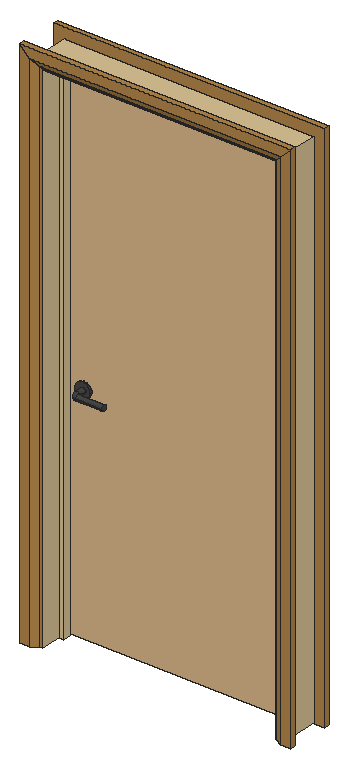
Revit family "Doors_IntSgl", category Doors, host Wall, Revit 2015
Parameters (values of type "1010x2110mm")
  Visual Light Transmittance = 0
  Vis - Ironmongery = yes
  UnderCut = 8 mm
  Type Comments = "Internal Single"
  Tolerance = 2 mm
  Thickness = Door Panel Thickness  # 38 mm
  Thermal Resistance (R) = 0.270117 (m²·K)/W
  Structural Tolerance = 8 mm
  StopDepth = 32 mm
  Stop Thickness = 19 mm
  Solar Heat Gain Coefficient = 0
  Rough Width = Width  # 1010 mm
  Rough Height = Height  # 2110 mm
  Operation = "SingleSwingRight"
  Material Ironmongery = Door - Handle
  Material Frame = Door - Frame/Mullion (1)
  Material Door = Door - Panel
  Material Architrave = Door - Architrave
  Manufacturer = "Revit"
  Keynote = "L20"
  Height to Top Lock Rail = 1000 mm
  Heat Transfer Coefficient (U) = 3.7021 W/(m²·K)
  Handle Z Distance = 900 mm
  Handle X Distance = 75 mm
  Function = Interior
  Frame Thickness = 32 mm
  Door Panel Width = Width - (2 * Structural Tolerance) - (2 * Tolerance) - (2 * Frame Thickness)  # 926 mm
  Door Panel Thickness = 38 mm
  Door Panel Offset = 0 mm
  Height = 2110 mm
  Wall Closure = By host
  Width = 1010 mm
  Door Panel Height = Height - Structural Tolerance - Tolerance - Frame Thickness - UnderCut  # 2060 mm
  Description = "Internal Single Door"
  Architrave Setback = 5 mm
  Analytic Construction = "Metal"
Types (3, lengths in mm): name | Rough Width | Handle Z Distance | Door Panel Width | Width
  1010x2110mm | 1010 | 900 | 926 | 1010
  810x2110mm | 810 | 900 | 726 | 810
  910x2110mm | 910 | 1000 | 826 | 910
Reference planes
  plane 1: y = 0
  plane 2 "Center L/R": x = 0
  plane 3 "Left": x = -505
  plane 4 "Right": x = 505
  plane 5: z = 2110
  plane 6 "Exterior": y = 75
  plane 7 "Interior": y = -75
  plane 8 "Structural Tolerance LHS": x = -497
  plane 9 "Structural Tolerance RHS": x = 497
  plane 10 "Structural Tolerance Top": z = 2102
  plane 11 "LHS Stop": x = -446
  plane 12 "Tolerance": y = 35
  plane 13 "Door Leading Face": y = 75
  plane 14 "Door Rear Face": y = 37
  plane 15 "Architrave LHS": x = -470
  plane 16 "RHS Stop": x = 446
  plane 17 "Architrave RHS": x = 470
  plane 18 "Tolerance right": x = 463
  plane 19 "Frame LHS": x = -465
  plane 20 "Frame RHS": x = 465
  plane 21 "Tolerance LHS": x = -463
  plane 22: z = 8
  plane 23 "Tolerance at Door Head": z = 2068
  plane 24 "Handle X": x = -388
  plane 25 "handle plane": z = 900
  plane 26 "Frame U/S": z = 2070
  plane 27 "Rear of Stop": y = 3
  plane 28 "Architrave Top": z = 2075
Forms (mm)
  Extrusion 1, solid, material "Door - Panel" <- "Material Door"
    sketch origin (0, 75, 0) x (1, 0, 0) y (0, 0, 1)
      loop
        line (463, 2068) -> (-463, 2068) -> (-463, 8) -> (463, 8) -> (463, 2068)
    from 0 to 38
  Sweep 2, solid, material "Door - Frame/Mullion (1)" <- "Material Frame", detail levels fine
    path origin (0, -75, 0) x (1, 0, 0) y (0, 0, 1)
      loop
        line (-497, 0) -> (-497, 2102) -> (497, 2102) -> (497, 0)
    profile origin (0, -75, 1051) x (-1, 0, 0) y (0, -1, 0)
      loop
        line (497, -150) -> (497, 0) -> (465, 0) -> (465, -150) -> (497, -150)
  Sweep 3, solid, material "Door - Architrave" <- "Material Architrave", detail levels fine
    path origin (0, -75, 0) x (1, 0, 0) y (0, 0, 1)
      loop
        line (-470, 0) -> (-470, 2075) -> (470, 2075) -> (470, 0)
    profile "Architrave - Chamfered : 20 x 70mm" origin (-470, -75, 1037.5) x (-1, 0, 0) y (0, -1, 0)
      loop
        line (70, 0) -> (70, 20) -> (30, 20) -> (4, 6)
        arc (4, 6) -> (1.292, 3.472) -> (0, 0) r 8.062
        line (0, 0) -> (70, 0)
  Sweep 4, solid, material "Door - Frame/Mullion (1)" <- "Material Frame", detail levels coarse+medium
    path origin (0, -75, 0) x (1, 0, 0) y (0, 0, 1)
      loop
        line (-505, 0) -> (-505, 2110) -> (505, 2110) -> (505, 0)
    profile origin (0, -75, 1055) x (-1, 0, 0) y (0, -1, 0)
      loop
        line (505, 0) -> (465, 0) -> (465, -150) -> (505, -150) -> (505, 0)
  Sweep 5, solid, material "Door - Frame/Mullion (1)" <- "Material Frame", detail levels fine
    path origin (0, 3, 0) x (1, 0, 0) y (0, 0, 1)
      loop
        line (-465, 0) -> (-465, 2070) -> (465, 2070) -> (465, 0)
    profile origin (0, 0, 1035) x (-1, 0, 0) y (0, -1, 0)
      loop
        line (446, -35) -> (465, -35) -> (465, -3) -> (446, -3) -> (446, -35)
  Sweep 6, solid, material "Door - Architrave" <- "Material Architrave", detail levels fine
    path origin (0, 75, 0) x (1, 0, 0) y (0, 0, 1)
      loop
        line (470, 0) -> (470, 2075) -> (-470, 2075) -> (-470, 0)
    profile "Architrave - Chamfered : 20 x 70mm" origin (470, 75, 1037.5) x (-1, 0, 0) y (0, -1, 0)
      loop
        line (-70, 0) -> (-70, -20) -> (-30, -20) -> (-4, -6)
        arc (-4, -6) -> (-1.292, -3.472) -> (0, 0) r 8.062
        line (0, 0) -> (-70, 0)
Lines and regions (mm)
  Opening 1
    outline origin (-3050, -75, 0) x (1, 0, 0) y (0, 0, 1)
      loop
        line (2545, 0) -> (3555, 0) -> (3555, 2110) -> (2545, 2110) -> (2545, 0)
  Masking region 1, detail levels medium+fine
    outline origin (0, 0, 900) x (0, -1, 0) y (1, 0, 0)
      loop
        line (-75, 425) -> (-75, 463) -> (-1001, 463) -> (-1001, 425) -> (-75, 425)
  Masking region 2, detail levels medium
    outline origin (0, 0, 900) x (0, -1, 0) y (1, 0, 0)
      loop
        line (75, -465) -> (-75, -465) -> (-75, -505) -> (75, -505) -> (75, -465)
      loop
        line (75, 465) -> (75, 505) -> (-75, 505) -> (-75, 465) -> (75, 465)
  symbolic lines, style "Plan Swing", detail levels coarse
    curve 1: line (505, 75, 0) -> (505, 1085, 0)
    curve 2: arc (505, 1085, 0) -> (-209.178, 789.178, 0) -> (-505, 75, 0) r 1010
  symbolic lines, style "DoorsPanelProjection", detail levels medium+fine
    curve 3: line (463, 75, 0) -> (425, 75, 0)
    curve 4: line (463, 1001, 0) -> (463, 75, 0)
    curve 5: line (425, 1001, 0) -> (463, 1001, 0)
    curve 6: line (425, 75, 0) -> (425, 1001, 0)
  symbolic lines, style "DoorsFrameMullionProjection", detail levels medium
    curve 7: line (-505, 75, 0) -> (-465, 75, 0)
    curve 8: line (-505, -75, 0) -> (-505, 75, 0)
    curve 9: line (-465, -75, 0) -> (-505, -75, 0)
    curve 10: line (-465, 75, 0) -> (-465, -75, 0)
    curve 13: line (505, 75, 0) -> (465, 75, 0)
    curve 14: line (505, -75, 0) -> (505, 75, 0)
    curve 15: line (465, -75, 0) -> (505, -75, 0)
    curve 16: line (465, 75, 0) -> (465, -75, 0)
  symbolic lines, style "Elevation Swing"
    curve 11: line (-463, 0, 2068) -> (463, 0, 1038)
    curve 12: line (463, 0, 1038) -> (-463, 0, 8)
  symbolic lines, style "Plan Swing", detail levels medium+fine
    curve 17: arc (463, 1001, 0) -> (-191.781, 729.781, 0) -> (-463, 75, 0) r 926
  symbolic lines, style "DoorsPanelProjection", detail levels coarse
    curve 18: line (0, 75, 2068) -> (0, 75, 8)
    curve 19: line (0, 37, 8) -> (0, 37, 2068)
    curve 20: line (0, 37, 2068) -> (0, 75, 2068)
    curve 21: line (0, 75, 8) -> (0, 37, 8)
  symbolic lines, style "DoorsFrameMullionProjection", detail levels coarse
    curve 22: line (0, 75, 2070) -> (0, -75, 2070)
    curve 23: line (0, -75, 2110) -> (0, 75, 2110)
Text (mm)
  text "Exterior" at (-2295.016, 1099.543, 0), in view "Ref. Level"
  text "Exterior" at (0, 1615.38, 3698.081), in view "Left"
  text "Exterior" at (0, 1036.032, 3874.932), in view "Right"
Dimensions and locks
  equal spacing: plane 3 "Left", plane 2 "Center L/R", plane 4 "Right"
  "Width": plane 3 "Left" to plane 4 "Right"
  "Height": host wall to plane 5
  locked: plane 6 "Exterior" to host wall at 0
  locked: plane 7 "Interior" to host wall
  "Tolerance": plane 14 "Door Rear Face" to plane 12 "Tolerance"
  "Door Panel Thickness": plane 13 "Door Leading Face" to plane 14 "Door Rear Face"
  "Structural Tolerance": plane 3 "Left" to plane 8 "Structural Tolerance LHS"
  "Structural Tolerance": plane 9 "Structural Tolerance RHS" to plane 4 "Right"
  "Frame Thickness": plane 8 "Structural Tolerance LHS" to plane 19 "Frame LHS"
  "Frame Thickness": plane 20 "Frame RHS" to plane 9 "Structural Tolerance RHS"
  "Tolerance": plane 19 "Frame LHS" to plane 21 "Tolerance LHS"
  "Tolerance": plane 18 "Tolerance right" to plane 20 "Frame RHS"
  "UnderCut": plane 22 to level
  "Handle Z Distance": plane 25 "handle plane" to level
  "Door Panel Thickness": curve 6 to curve 4
  "Door Panel Width": curve 4 to curve 5
  equal spacing: plane 23 "Tolerance at Door Head", curve 12, plane 22
  "Structural Tolerance": plane 5 to plane 10 "Structural Tolerance Top"
  "Handle X Distance": plane 21 "Tolerance LHS" to plane 24 "Handle X"
  "Door Panel Offset": plane 13 "Door Leading Face" to plane 6 "Exterior"
  "Frame Thickness": plane 26 "Frame U/S" to plane 10 "Structural Tolerance Top"
  "Tolerance": plane 23 "Tolerance at Door Head" to plane 26 "Frame U/S"
  "Architrave Setback": plane 26 "Frame U/S" to plane 28 "Architrave Top"
  "Architrave Setback": plane 15 "Architrave LHS" to plane 19 "Frame LHS"
  "Architrave Setback": plane 20 "Frame RHS" to plane 17 "Architrave RHS"
  "Stop Thickness": plane 19 "Frame LHS" to plane 11 "LHS Stop"
  "Stop Thickness": plane 16 "RHS Stop" to plane 20 "Frame RHS"
  "StopDepth": plane 27 "Rear of Stop" to plane 12 "Tolerance"
  aligned and locked: plane 3 "Left" to Opening 1 sketch curve
  aligned and locked: plane 5 to Opening 1 sketch curve  (x2)
  aligned and locked: Opening 1 sketch curve to plane 4 "Right"
  aligned and locked: Opening 1 sketch curve to level
  aligned and locked: plane 1 to host wall
  aligned and locked: plane 18 "Tolerance right" to Extrusion 1 sketch curve
  aligned and locked: plane 13 "Door Leading Face" to Extrusion 1
  aligned and locked: Extrusion 1 to plane 14 "Door Rear Face"
  aligned and locked: plane 6 "Exterior" to Sweep 2 sketch curve
  aligned and locked: Sweep 4 sketch curve to host wall
  aligned and locked: Sweep 4 sketch curve to curve 9
  aligned and locked: Sweep 4 sketch curve to Sweep 2
  aligned and locked: Sweep 4 sketch curve to curve 10
  aligned and locked: plane 13 "Door Leading Face" to curve 3
  aligned and locked: plane 23 "Tolerance at Door Head" to Extrusion 1 sketch curve
  aligned and locked: nested 1 to plane 13 "Door Leading Face"
  aligned and locked: nested 2 to plane 14 "Door Rear Face"
  aligned and locked: Sweep 3 sketch curve to plane 15 "Architrave LHS"
  aligned and locked: Sweep 3 sketch curve to plane 17 "Architrave RHS"
  aligned and locked: plane 28 "Architrave Top" to Sweep 3 sketch curve
  aligned and locked: level to Sweep 5 sketch curve  (x2)
  aligned and locked: Sweep 5 sketch curve to plane 19 "Frame LHS"
  aligned and locked: plane 20 "Frame RHS" to Sweep 5 sketch curve
  aligned and locked: plane 26 "Frame U/S" to Sweep 5 sketch curve
  aligned and locked: plane 17 "Architrave RHS" to Sweep 6 sketch curve
  aligned and locked: plane 15 "Architrave LHS" to Sweep 6 sketch curve
  aligned and locked: plane 28 "Architrave Top" to Sweep 6 sketch curve
  aligned and locked: curve 18 to Extrusion 1
  aligned and locked: curve 19 to Extrusion 1
  aligned and locked: curve 20 to Extrusion 1
  aligned and locked: curve 21 to Extrusion 1
  aligned and locked: curve 22 to Sweep 4
  aligned and locked: curve 23 to Sweep 4
  aligned and locked: Sweep 5 sketch curve to plane 11 "LHS Stop"
  aligned and locked: Sweep 5 sketch curve to plane 12 "Tolerance"
  aligned and locked: nested 1 to plane 24 "Handle X"
  aligned and locked: plane 24 "Handle X" to nested 2
  aligned and locked: Masking region 1 sketch curve to curve 6
  aligned and locked: Masking region 1 sketch curve to curve 4
  aligned and locked: Masking region 1 sketch curve to curve 3
  aligned and locked: Masking region 1 sketch curve to curve 5
  aligned: Masking region 2 sketch curve to host wall
  aligned: host wall to Masking region 2 sketch curve
Automatic sketch dimensions
  Sweep 2 sketch curve to plane 8 "Structural Tolerance LHS" = 0 mm
  Sweep 2 sketch curve to plane 9 "Structural Tolerance RHS" = 0 mm
  Sweep 2 sketch curve to level = 0 mm  (x2)
  Sweep 2 sketch curve to plane 10 "Structural Tolerance Top" = 0 mm
  Sweep 2 sketch curve to profile plane = 0 mm
  profile plane to Sweep 2 sketch curve = 32 mm
  Sweep 4 sketch curve to plane 3 "Left" = 0 mm
  Sweep 4 sketch curve to plane 4 "Right" = 0 mm
  Sweep 4 sketch curve to level = 0 mm  (x2)
  Sweep 4 sketch curve to plane 5 = 0 mm
  curve 11 to plane 21 "Tolerance LHS" = 0 mm
  curve 11 to plane 23 "Tolerance at Door Head" = 0 mm
  curve 12 to plane 21 "Tolerance LHS" = 0 mm
  curve 12 to plane 22 = 0 mm
  curve 12 to plane 18 "Tolerance right" = 0 mm
  curve 8 to host wall = 0 mm
  curve 8 to plane 3 "Left" = 0 mm
  curve 10 to plane 19 "Frame LHS" = 0 mm
  curve 17 to plane 13 "Door Leading Face" = 0 mm
  curve 4 to plane 18 "Tolerance right" = 0 mm
  curve 13 to host wall = 0 mm
  curve 13 to plane 20 "Frame RHS" = 0 mm
  curve 14 to plane 4 "Right" = 0 mm
  curve 2 to plane 4 "Right" = 0 mm
  curve 15 to host wall = 0 mm
  curve 10 to host wall = 0 mm
  curve 1 to plane 13 "Door Leading Face" = 0 mm
  Sweep 2 sketch curve to plane 7 "Interior" = 0 mm
  Sweep 3 sketch curve to level = 0 mm  (x2)
  Sweep 5 sketch curve to plane 27 "Rear of Stop" = 0 mm
  Sweep 5 sketch curve to profile plane = 0 mm
  Extrusion 1 sketch curve to plane 21 "Tolerance LHS" = 0 mm
  Extrusion 1 sketch curve to plane 22 = 0 mm
  Sweep 6 sketch curve to level = 0 mm  (x2)
  curve 22 to host wall = 0 mm  (x2)
  curve 23 to host wall = 0 mm  (x2)
  Masking region 2 sketch curve to host wall = 0 mm  (x4)
  Masking region 2 sketch curve to plane 3 "Left" = 0 mm
  Masking region 2 sketch curve to plane 19 "Frame LHS" = 0 mm
  Masking region 2 sketch curve to plane 20 "Frame RHS" = 0 mm
  Masking region 2 sketch curve to plane 4 "Right" = 0 mm
Nested families
  nested 1: "Handle (8)" at (-613, 75, 0), visible <- "Vis - Ironmongery", type "Handle (8)", detail levels medium+fine
    with Handle Z Distance 900 mm
  nested 2: "Handle (8)" at (-613, 37, 0), visible <- "Vis - Ironmongery", type "Handle (8)", detail levels medium+fine
    with Handle Z Distance 900 mm
Definition of nested family "Handle (8)"
  Parameters
    Material Ironmongery = none
    Handle Z Distance = 0 mm
    Handle X Distance = 75 mm
    Assembly Code = ""
  Reference planes
    plane 1 "Center (Front/Back)": y = 0
    plane 2: z = 0
    plane 3 "Center (Left/Right)": x = 150
    plane 4: z = 0
    plane 5 "Handle C/L": x = 225
  Forms (mm)
    Extrusion 1, solid, material <- "Material Ironmongery"
      sketch origin (300, 0, 0) x (1, 0, 0) y (0, 0, -1)
        loop
          circle (-77.5, 0) r 30
      from 0 to 8
    Sweep 2, solid, material <- "Material Ironmongery"
      path origin (0, 0, 0) x (0, -1, 0) y (1, 0, 0)
        loop
          line (-8, 225) -> (-38, 225)
          arc (-38, 225) -> (-48.607, 229.393) -> (-53, 240) r 15
          line (-53, 240) -> (-53, 345)
      profile origin (225, 23, 0) x (1, 0, 0) y (0, 0, 1)
        loop
          circle (0, 0) r 10
  Dimensions and locks
    "Handle Z Distance": plane 4 to level
    Sweep 2 sketch curve to Sweep 2 sketch curve = 105 mm
    "Handle X Distance": plane 5 "Handle C/L" to plane 3 "Center (Left/Right)"
    plane 5 "Handle C/L" to Sweep 2 sketch curve = 120 mm
    aligned and locked: plane 4 to Extrusion 1 sketch curve
  Automatic sketch dimensions
    Sweep 2 sketch curve to profile plane = 0 mm  (x2)
    Sweep 2 sketch curve to plane 5 "Handle C/L" = 0 mm
    Sweep 2 sketch curve to plane 1 "Center (Front/Back)" = 53 mm
    Sweep 2 sketch curve to plane 1 "Center (Front/Back)" = 8 mm
    Extrusion 1 sketch curve to plane 5 "Handle C/L" = 2.5 mm
    radius of Sweep 2 sketch curve = 10 mm
    radius of Extrusion 1 sketch curve = 30 mm
